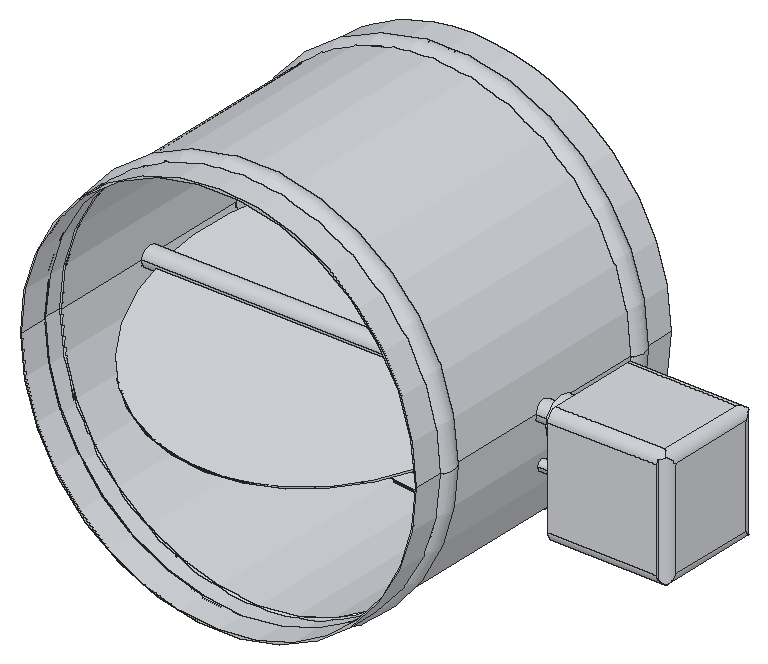
Revit family "CH-10-R", category Mechanical Equipment, Revit 2015
Parameters
  Void Radius [instance] = Radius - 0' 0 5/256"  # 0' - 4 251/256"
  URL = "http://unitedenertech.com/catalog/pdf/G_2%20CH-10.pdf"
  Type Comments = "Max. Size is (12\" Diameter)"
  Radius [instance] = 0.5 * Exact Diameter  # 0' - 5"
  Model = "CH-10-R"
  Manufacturer = "United Enertech Corporation"
  Keynote = ""
  Inner Radius [instance] = Radius - 0' 0 9/256"  # 0' - 4 247/256"
  Exact Diameter = 0' - 10"
  Description = "Exhaust, O.A. Dampers"
  Depth = 0' - 8"
  Blade Radius [instance] = Inner Radius - 0' 0 3/8"  # 0' - 4 151/256"
Reference planes (in)
  plane 1 "Center (Front/Back)": y = 0
  plane 2: z = 0
  plane 3 "Center (Left/Right)": x = 0
  plane 4: x = -5
  plane 5: x = 5
  plane 6: y = 8
  plane 7: y = 7
  plane 8: y = 1
  plane 9: x = -5.6
  plane 10: x = -3.1
  plane 11: x = 3.1
  plane 12: x = 5.89655
  plane 13: x = 5.14655
  plane 14: x = 5.27155
  plane 15: x = 6.20447
  plane 16: z = 1
Forms (in)
  Extrusion 1, solid
    sketch origin (0, 0, 0) x (1, 0, 0) y (0, 0, 1)
      loop
        circle (0, 0) r 5
      loop
        circle (0, 0) r 4.96484
    from 0 to -8
  Sweep 2, solid
    path origin (0, 1, 0) x (1, 0, 0) y (0, 0, 1)
      loop
        circle (0, 0) r 5
    profile "Bead Sweep : Bead Sweep" origin (0, 1, 5) x (0, 0, -1) y (0, -1, 0)
      loop
        arc (0, 0.279) -> (-0.12, 0) -> (0, -0.279) r 0.38434
        line (0, -0.279) -> (0, 0.279)
  Sweep 3, solid
    path origin (0, 7, 0) x (1, 0, 0) y (0, 0, 1)
      loop
        circle (0, 0) r 5
    profile "Bead Sweep : Bead Sweep" origin (0, 7, 5) x (0, 0, -1) y (0, -1, 0)
      loop
        arc (0, 0.279) -> (-0.12, 0) -> (0, -0.279) r 0.38434
        line (0, -0.279) -> (0, 0.279)
  Sweep 4, void
    path origin (0, 1, 0) x (1, 0, 0) y (0, 0, 1)
      loop
        circle (0, 0) r 4.98047
    profile "Bead Void Sweep : Bead Void Sweep" origin (0, 1, 4.98047) x (0, 0, -1) y (0, -1, 0)
      loop
        arc (0.15416, 0.3555) -> (-0.0841, 0) -> (0.15416, -0.3555) r 0.38434
        line (0.15416, -0.3555) -> (0.15416, 0.3555)
  Sweep 5, void
    path origin (0, 7, 0) x (1, 0, 0) y (0, 0, 1)
      loop
        circle (0, 0) r 4.98047
    profile "Bead Void Sweep : Bead Void Sweep" origin (0, 7, 4.98047) x (0, 0, -1) y (0, -1, 0)
      loop
        arc (0.15416, 0.3555) -> (-0.0841, 0) -> (0.15416, -0.3555) r 0.38434
        line (0.15416, -0.3555) -> (0.15416, 0.3555)
  Extrusion 6, solid
    sketch origin (0, 2.96472, 3.8637) x (1, 0, 0) y (0, 0.965926, 0.258819)
      loop
        circle (0, 0) r 4.58984
    from -4.01795 to -3.98205
  Extrusion 7, solid
    sketch origin (0, 0, 0) x (0, 1, 0) y (0, 0, 1)
      loop
        circle (4, 0) r 0.25
    from -5.6 to 5.89655
Cuts and joins
  Sweep 4, Sweep 5 cuts Extrusion 1
  Sweep 5 cuts Sweep 2
Dimensions and locks (in)
  equal spacing: plane 4, plane 3 "Center (Left/Right)", plane 5
  "Exact Diameter": plane 4 to plane 5
  "Depth": plane 6 to plane 1 "Center (Front/Back)"
  locked: plane 8 to plane 1 "Center (Front/Back)" at 1
  locked: plane 6 to plane 7 at 1
  locked: plane 9 to plane 4 at 0.6
  locked: plane 4 to plane 10 at 1.9
  locked: plane 11 to plane 5 at 1.9
  locked: plane 5 to plane 13 at 0.14655
  locked: plane 5 to plane 14 at 0.27155
  locked: plane 5 to plane 12 at 0.89655
  locked: plane 12 to plane 15 at 0.30792
  locked: plane 16 to level at 1
  "Inner Radius": radius of Extrusion 1 sketch curve
  "Radius": radius of Extrusion 1 sketch curve
  "Radius": radius of Sweep 2 sketch curve
  "Radius": radius of Sweep 3 sketch curve
  "Void Radius": radius of Sweep 4 sketch curve
  "Void Radius": radius of Sweep 5 sketch curve
  "Blade Radius": radius of Extrusion 6 sketch curve
  aligned and locked: level to plane 2
  aligned and locked: plane 6 to Extrusion 1
  aligned and locked: plane 1 "Center (Front/Back)" to Extrusion 1
  aligned and locked: plane 9 to Extrusion 7
  aligned and locked: Extrusion 7 to plane 12
  aligned and locked: nested 1 to plane 15
  aligned and locked: plane 16 to nested 1
Automatic sketch dimensions
  Extrusion 7 sketch curve to level = 0' - 0"
  plane 7 to Extrusion 7 sketch curve = 0' - 3"
  Extrusion 1 sketch curve to Extrusion 1 sketch curve = 0' - 0"  (x2)
  Extrusion 1 sketch curve to level = 0' - 0"
  Extrusion 1 sketch curve to plane 3 "Center (Left/Right)" = 0' - 0"
  Sweep 2 sketch curve to level = 0' - 0"
  Sweep 2 sketch curve to plane 3 "Center (Left/Right)" = 0' - 0"
  Sweep 3 sketch curve to level = 0' - 0"
  Sweep 3 sketch curve to plane 3 "Center (Left/Right)" = 0' - 0"
  Sweep 4 sketch curve to level = 0' - 0"
  Sweep 4 sketch curve to plane 3 "Center (Left/Right)" = 0' - 0"
  Sweep 5 sketch curve to level = 0' - 0"
  Sweep 5 sketch curve to plane 3 "Center (Left/Right)" = 0' - 0"
  Extrusion 6 sketch curve to plane 3 "Center (Left/Right)" = 0' - 0"
  radius of Extrusion 7 sketch curve = 0' - 0 1/4"
Nested families (in)
  nested 1: "CH-10 Actuator" at (6.20447, -12.64494, -4.98209), type "CH-10 Actuator"
Definition of nested family "CH-10 Actuator"
  Reference planes (in)
    plane 1 "Center (Front/Back)": y = 0
    plane 2: z = 0
    plane 3 "Center (Left/Right)": x = 0
  Forms (in)
    Extrusion 1, solid
      sketch origin (0, 0, 0) x (0, 1, 0) y (0, 0, 1)
        loop
          arc (18.01994, 5.73209) -> (17.94672, 5.90887) -> (17.76994, 5.98209) r 0.25
          line (17.76994, 5.98209) -> (15.51994, 5.98209)
          arc (15.51994, 5.98209) -> (15.34317, 5.90887) -> (15.26994, 5.73209) r 0.25
          line (15.26994, 5.73209) -> (15.26994, 3.23209)
          arc (15.26994, 3.23209) -> (15.34317, 3.05531) -> (15.51994, 2.98209) r 0.25
          line (15.51994, 2.98209) -> (17.76994, 2.98209)
          arc (17.76994, 2.98209) -> (17.94672, 3.05531) -> (18.01994, 3.23209) r 0.25
          line (18.01994, 3.23209) -> (18.01994, 5.73209)
      from 0 to 3
    Extrusion 2, solid
      sketch origin (0, 0, 0) x (0, 1, 0) y (0, 0, 1)
        loop
          circle (16.64494, 4.98209) r 0.5
        loop
          circle (16.64494, 4.98209) r 0.25
      from 0 to -0.75
    Extrusion 3, solid
      sketch origin (0, 0, 0) x (0, 1, 0) y (0, 0, 1)
        loop
          circle (16.64494, 3.73209) r 0.125
      from 0 to -1.25
    Extrusion 4, void
      sketch origin (-4.56006, 0, 0) x (1, 0, 0) y (0, 1, 0)
        loop
          arc (7.31006, 17.99501) -> (7.48683, 17.92179) -> (7.56006, 17.74501) r 0.25
          line (7.56006, 17.74501) -> (8.56006, 17.74501) -> (8.56006, 18.99501) -> (7.31006, 18.99501) -> (7.31006, 17.99501)
      from 6.93254 to -1.25
    Extrusion 5, void
      sketch origin (-4.56006, 33.28989, 0) x (1, 0, 0) y (0, 1, 0)
        loop
          line (7.31006, -17.99501) -> (7.31006, -18.99501) -> (8.56006, -18.99501) -> (8.56006, -17.74501) -> (7.56006, -17.74501)
          arc (7.56006, -17.74501) -> (7.48683, -17.92179) -> (7.31006, -17.99501) r 0.25
      from 6.93254 to -1.25
    Extrusion 6, void
      sketch origin (-4.56006, 14.32271, -12.01292) x (1, 0, 0) y (0, 0, -1)
        loop
          line (7.31006, -17.99501) -> (7.31006, -18.99501) -> (8.56006, -18.99501) -> (8.56006, -17.74501) -> (7.56006, -17.74501)
          arc (7.56006, -17.74501) -> (7.48683, -17.92179) -> (7.31006, -17.99501) r 0.25
      from 6.93254 to -1.25
    Extrusion 7, void
      sketch origin (-4.56006, 14.32271, 20.9771) x (1, 0, 0) y (0, 0, -1)
        loop
          arc (7.31006, 17.99501) -> (7.48683, 17.92179) -> (7.56006, 17.74501) r 0.25
          line (7.56006, 17.74501) -> (8.56006, 17.74501) -> (8.56006, 18.99501) -> (7.31006, 18.99501) -> (7.31006, 17.99501)
      from 6.93254 to -1.25
  Cuts and joins
    Extrusion 4, Extrusion 5, Extrusion 6, Extrusion 7 cuts Extrusion 1
  Lines and regions (in)
    model lines
      curve 1: circle (0, 16.64494, 3.73209) r 0.125 normal (1, 0, 0)
  Dimensions and locks (in)
    aligned and locked: level to plane 2
